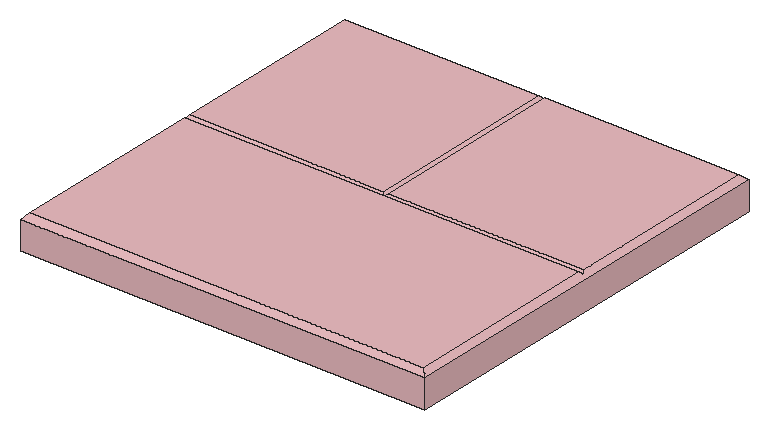
Revit family "PANES 2ft x 2ft", category Specialty Equipment, Revit 2023
Family settings
  Round Connector Dimension = Use Diameter
  Part Type = Normal
  OmniClass Number = 23.35.00.00
  OmniClass Title = Covering, Cladding, and Finishes
  Work Plane-Based = Yes
  Enable Cutting in Views = Yes
  Always vertical = No
  Cut with Voids When Loaded = No
  Maintain Annotation Orientation = No
  Shared = No
  Room Calculation Point = No
Parameters (values of type "2 INCH THICK - CUSTOM PAINTED - STANDARD")
  URL = "https://www.acousticalsurfaces.com/envirocoustic-wood-wool/designs/"
  Type Comments = "Acoustic panels for vertical and horizontal surfaces"
  Thickness = 0' - 2"
  Recycled Content Percentage = "0%"
  Model = "Envirocoustic Wood Wool"
  Material = "Envirocoustic Wood Wool"
  Manufacturer = "Acoustical Surfaces, Inc."
  Fire Rating = "ASTM E84 - Class A"
  Finish = Paint - Acoustical-Surfaces - Custom Painted
  Description = "Acoustic Panels"
  Default Elevation = 0' - 0"
  Backer Thickness = 0' - 1"
  Backer = no
  Assembly Code = "C30"
  Acoustics - NRC = "Sound absorption varies from NRC 0.45 to 0.95 based on installation method used when tested per ASTM C423."
Types (27): name | Thickness | Finish | Backer Thickness | Backer
  2 INCH THICK - CUSTOM PAINTED - STANDARD | 0' - 2" | Paint - Acoustical-Surfaces - Custom Painted | 0' - 1" | no
  2 INCH THICK - PRIMED WHITE - STANDARD | 0' - 2" | Paint - Acoustical-Surfaces - Primed White | 0' - 1" | no
  2 INCH THICK - PRIMED CLEAR - STANDARD | 0' - 2" | Paint - Acoustical-Surfaces - Primed Clear | 0' - 1" | no
  2 INCH THICK - PRIMED WHITE - 2 INCH CFAB BACKER | 0' - 2" | Paint - Acoustical-Surfaces - Primed White | 0' - 2" | yes
  2 INCH THICK - PRIMED WHITE - 1 INCH CFAB BACKER | 0' - 2" | Paint - Acoustical-Surfaces - Primed White | 0' - 1" | yes
  2 INCH THICK - PRIMED CLEAR - 2 INCH CFAB BACKER | 0' - 2" | Paint - Acoustical-Surfaces - Primed Clear | 0' - 2" | yes
  2 INCH THICK - PRIMED CLEAR - 1 INCH CFAB BACKER | 0' - 2" | Paint - Acoustical-Surfaces - Primed Clear | 0' - 1" | yes
  2 INCH THICK - CUSTOM PAINTED - 2 INCH CFAB BACKER | 0' - 2" | Paint - Acoustical-Surfaces - Custom Painted | 0' - 2" | yes
  2 INCH THICK - CUSTOM PAINTED - 1 INCH CFAB BACKER | 0' - 2" | Paint - Acoustical-Surfaces - Custom Painted | 0' - 1" | yes
  1-3/8 INCH THICK - CUSTOM PAINTED - STANDARD | 0' - 1 3/8" | Paint - Acoustical-Surfaces - Custom Painted | 0' - 1" | no
  1-3/8 INCH THICK - PRIMED WHITE - STANDARD | 0' - 1 3/8" | Paint - Acoustical-Surfaces - Primed White | 0' - 1" | no
  1-3/8 INCH THICK - PRIMED CLEAR - STANDARD | 0' - 1 3/8" | Paint - Acoustical-Surfaces - Primed Clear | 0' - 1" | no
  1-3/8 INCH THICK - PRIMED WHITE - 2 INCH CFAB BACKER | 0' - 1 3/8" | Paint - Acoustical-Surfaces - Primed White | 0' - 2" | yes
  1-3/8 INCH THICK - PRIMED WHITE - 1 INCH CFAB BACKER | 0' - 1 3/8" | Paint - Acoustical-Surfaces - Primed White | 0' - 1" | yes
  1-3/8 INCH THICK - PRIMED CLEAR - 2 INCH CFAB BACKER | 0' - 1 3/8" | Paint - Acoustical-Surfaces - Primed Clear | 0' - 2" | yes
  1-3/8 INCH THICK - PRIMED CLEAR - 1 INCH CFAB BACKER | 0' - 1 3/8" | Paint - Acoustical-Surfaces - Primed Clear | 0' - 1" | yes
  1-3/8 INCH THICK - CUSTOM PAINTED - 2 INCH CFAB BACKER | 0' - 1 3/8" | Paint - Acoustical-Surfaces - Custom Painted | 0' - 2" | yes
  1-3/8 INCH THICK - CUSTOM PAINTED - 1 INCH CFAB BACKER | 0' - 1 3/8" | Paint - Acoustical-Surfaces - Custom Painted | 0' - 1" | yes
  1 INCH THICK - CUSTOM PAINTED - STANDARD | 0' - 1" | Paint - Acoustical-Surfaces - Custom Painted | 0' - 1" | no
  1 INCH THICK - PRIMED WHITE - STANDARD | 0' - 1" | Paint - Acoustical-Surfaces - Primed White | 0' - 1" | no
  1 INCH THICK - PRIMED CLEAR - STANDARD | 0' - 1" | Paint - Acoustical-Surfaces - Primed Clear | 0' - 1" | no
  1 INCH THICK - PRIMED WHITE - 2 INCH CFAB BACKER | 0' - 1" | Paint - Acoustical-Surfaces - Primed White | 0' - 2" | yes
  1 INCH THICK - PRIMED WHITE - 1 INCH CFAB BACKER | 0' - 1" | Paint - Acoustical-Surfaces - Primed White | 0' - 1" | yes
  1 INCH THICK - PRIMED CLEAR - 2 INCH CFAB BACKER | 0' - 1" | Paint - Acoustical-Surfaces - Primed Clear | 0' - 2" | yes
  1 INCH THICK - PRIMED CLEAR - 1 INCH CFAB BACKER | 0' - 1" | Paint - Acoustical-Surfaces - Primed Clear | 0' - 1" | yes
  1 INCH THICK - CUSTOM PAINTED - 2 INCH CFAB BACKER | 0' - 1" | Paint - Acoustical-Surfaces - Custom Painted | 0' - 2" | yes
  1 INCH THICK - CUSTOM PAINTED - 1 INCH CFAB BACKER | 0' - 1" | Paint - Acoustical-Surfaces - Custom Painted | 0' - 1" | yes
Reference planes (in)
  plane 1 "Center (Front/Back)": y = 0
  plane 2: z = 0
  plane 3 "Center (Left/Right)": x = 0
  plane 4: x = -12
  plane 5: x = 12
  plane 6: y = 12
  plane 7: y = -12
  plane 8: z = 2
  plane 9: z = -1
Forms (in)
  Extrusion 1, solid, material "Paint - Acoustical-Surfaces - Custom Painted" <- "Finish"
    sketch origin (0, 0, 0) x (1, 0, 0) y (0, 1, 0)
      loop
        line (12, 12) -> (-12, 12) -> (-12, -12) -> (12, -12) -> (12, 12)
    from 0 to 2
  Sweep 2, void
    path in 3D
      loop
        line (12, 12, 2) -> (-12, 12, 2) -> (-12, -12, 2) -> (12, -12, 2) -> (12, 12, 2)
    profile "Triangle : Family2" origin (12, 0, 2) x (-1, 0, 0) y (0, 0, 1)
      loop
        line (0, 0) -> (0, -0.315) -> (0.315, 0) -> (0, 0)
  Extrusion 3, solid, visible <- "Backer"
    sketch origin (0, 0, 0) x (1, 0, 0) y (0, 1, 0)
      loop
        line (12, 12) -> (-12, 12) -> (-12, -12) -> (12, -12) -> (12, 12)
    from 0 to -1
  Sweep 4, void
    path origin (0, 0, 2) x (1, 0, 0) y (0, 1, 0)
      loop
        line (-12, 0) -> (12, 0)
    profile "Groove : Family2" origin (0, 0, 2) x (0, 1, 0) y (0, 0, 1)
      loop
        line (-0.1575, 0) -> (0, -0.1575) -> (0.1575, 0) -> (-0.1575, 0)
  Sweep 5, void
    path origin (0, 0, 2) x (1, 0, 0) y (0, 1, 0)
      loop
        line (0, 12) -> (0, 0)
    profile "Groove : Family2" origin (0, 6, 2) x (1, 0, 0) y (0, 0, 1)
      loop
        line (-0.1575, 0) -> (0, -0.1575) -> (0.1575, 0) -> (-0.1575, 0)
Cuts and joins
  Sweep 2, Sweep 4, Sweep 5 cuts Extrusion 1
Lines and regions (in)
  sketch lines
    curve 1: line (12, -12, 2) -> (12, 12, 2)
    curve 2: line (-12, -12, 2) -> (12, -12, 2)
    curve 3: line (-12, 12, 2) -> (-12, -12, 2)
    curve 4: line (12, 12, 2) -> (-12, 12, 2)
Dimensions and locks (in)
  equal spacing: plane 4, plane 3 "Center (Left/Right)", plane 5
  equal spacing: plane 7, plane 1 "Center (Front/Back)", plane 6
  plane 7 to plane 6 = 2' - 0"
  locked: plane 4 to plane 5 at 24
  "Thickness": plane 8 to level
  "Backer Thickness": level to plane 9
  aligned and locked: level to plane 2
  aligned and locked: Extrusion 1 sketch curve to plane 4
  aligned and locked: plane 5 to Extrusion 1 sketch curve
  aligned and locked: Extrusion 1 sketch curve to plane 6
  aligned and locked: Extrusion 1 sketch curve to plane 7
  aligned and locked: Extrusion 1 to plane 8
  aligned and locked: Extrusion 3 sketch curve to plane 4
  aligned and locked: plane 5 to Extrusion 3 sketch curve
  aligned and locked: Extrusion 3 sketch curve to plane 6
  aligned and locked: Extrusion 3 sketch curve to plane 7
  aligned and locked: plane 9 to Extrusion 3
Automatic sketch dimensions
  Sweep 4 sketch curve to Extrusion 1 = 0' - 0"  (x2)
  Sweep 4 sketch curve to Extrusion 1 = 1' - 0"
